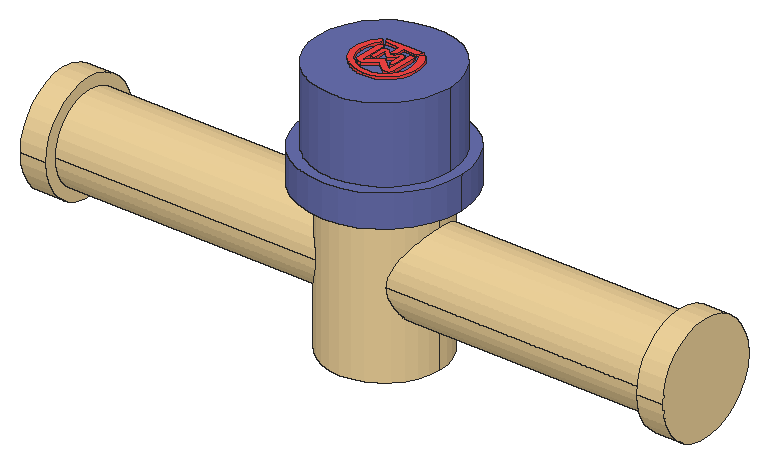
Revit family "КрыльчатыеСчетчикиХолоднойВоды_Стандарт_Тепловодомер", category Арматура трубопроводов, Revit 2025
Family settings
  Размер круглого соединителя = Использовать диаметр
  Тип детали = Клапан - Вставляется
  На основе рабочей плоскости = Нет
  Всегда вертикально = Нет
  При загрузке вырезать с полостями = Нет
  Общий = Нет
Parameters (values of type "DN40_IP68_Металлический_300_Класс_В")
  РАЗРАБОТЧИК [instance] = "www.3dbim.pro"
  Отметка по умолчанию = 0 mm
  Z_L = 20 mm
  URL = "https://www.teplovodomer.ru"
  TVM_Порог чувствительности = size_lookup("TVM_Крыльчатые счетчики воды", "TVM_Порог чувствительности", 0, Tvm_Модель клапана) * 1.0 m³/h  # 0.03 m³/h
  TVM_Переходный расход = size_lookup("TVM_Крыльчатые счетчики воды", "TVM_Переходный расход", 0, Tvm_Модель клапана) * 1.0 m³/h  # 0.26 m³/h
  TVM_Наминальный расход = size_lookup("TVM_Крыльчатые счетчики воды", "TVM_Номинальный расход", 0, Tvm_Модель клапана) * 1.0 m³/h  # 10.0 m³/h
  TVM_Наименьший расход = size_lookup("TVM_Крыльчатые счетчики воды", "TVM_Наименьший расход", 0, Tvm_Модель клапана) * 1.0 m³/h  # 0.16 m³/h
  TVM_Межпроверочный интервал = size_lookup("TVM_Крыльчатые счетчики воды", "TVM_Межпроверочный интервал", "Обратитесь к производителю", Tvm_Модель клапана)  # "6 лет"
  TVM_Максимальный расход = size_lookup("TVM_Крыльчатые счетчики воды", "TVM_Максимальный расход", 0, Tvm_Модель клапана) * 1.0 m³/h  # 20.0 m³/h
  I = size_lookup("TVM_Крыльчатые счетчики воды", "I", 12 mm, Tvm_Модель клапана)  # 12 mm
  L = size_lookup("TVM_Крыльчатые счетчики воды", "L", 110 mm, Tvm_Модель клапана)  # 300 mm
  H1 = size_lookup("TVM_Крыльчатые счетчики воды", "H1", 25 mm, Tvm_Модель клапана)  # 40 mm
  G = size_lookup("TVM_Крыльчатые счетчики воды", "G", 20 mm, Tvm_Модель клапана)  # 50 mm
  DSI_Тип монтажа = ""
  DSI_Тип исполнения = ""
  DSI_Температура рабочей среды = size_lookup("TVM_Крыльчатые счетчики воды", "DSI_Температура рабочей среды", 50 °C, Tvm_Модель клапана)  # 50 °C
  DSI_Страна поставщик = size_lookup("TVM_Крыльчатые счетчики воды", "TVM_Страна производитель", "Обратитесь к производителю", Tvm_Модель клапана)  # "Россия"
  DSI_Рабочее давление = size_lookup("TVM_Крыльчатые счетчики воды", "TVM_Рабочее давление", "Обратитесь к производителю", Tvm_Модель клапана)  # "1.6 Мпа"
  DSI_Рабочая среда = size_lookup("TVM_Крыльчатые счетчики воды", "ADSK_Перекачиваемая жидкость", "Обратитесь к производителю", Tvm_Модель клапана)  # "Вода 100%"
  DSI_Пропускная способность = 0
  DSI_Производитель = size_lookup("TVM_Крыльчатые счетчики воды", "ADSK_Завод-изготовитель", "Обратитесь к производителю", Tvm_Модель клапана)  # "АО \"Тепловодомер\""
  DSI_Область применения = "Предназначены для коммерческого учета расхода объема сетевой и питьевой воды, протекающей в обратном или подающем трубопроводе закрытых и открытых систем\r\nтеплоснабжения, системах холодного водоснабжения"  # constant formula
  DSI_Наименование по каталогу = size_lookup("TVM_Крыльчатые счетчики воды", "ADSK_Наименование", "Обратитесь к производителю", Tvm_Модель клапана)  # "Счетчик холодной воды ВСХH 40 IP68"
  DSI_Материал уплотнений = none
  DSI_Код по кл КСР = "5.9.6.3"
  DSI_Класс точности = size_lookup("TVM_Крыльчатые счетчики воды", "TVM_Класс точности", "Обратитесь к производителю", Tvm_Модель клапана)  # "B"
  DSI_Класс пожарной опасности = ""
  DSI_Класс защиты IP = size_lookup("TVM_Крыльчатые счетчики воды", "ADSK_Степень защиты", "Обратитесь к производителю", Tvm_Модель клапана)  # "IP68"
  DSI_Интерфейсные модули = size_lookup("TVM_Крыльчатые счетчики воды", "TVM_Интерфейс", "Обратитесь к производителю", Tvm_Модель клапана)  # "по заказу: LoRaWAN, M-Bus, WM-Bus, ипульсный выход"
  DSI_Диаметр условный = size_lookup("TVM_Крыльчатые счетчики воды", "DN", 15 mm, Tvm_Модель клапана)  # 40 mm
  DSI_Габариты текст = size_lookup("TVM_Крыльчатые счетчики воды", "TVM_Габаритный размер", "Обратитесь к производителю", Tvm_Модель клапана)  # "300х120х111"
  DSI_Артикул по каталогу = size_lookup("TVM_Крыльчатые счетчики воды", "ADSK_Код изделия", "Обратитесь к производителю", Tvm_Модель клапана)  # "R110-040-320-B68"
  DN = size_lookup("TVM_Крыльчатые счетчики воды", "DN", 15 mm, Tvm_Модель клапана)  # 40 mm
  D = size_lookup("TVM_Крыльчатые счетчики воды", "D", 75 mm, Tvm_Модель клапана)  # 72 mm
  Tvm_Модель клапана = 100403202
  Tvm_Материал счетчика = Tvm_Пластик синий
  Tvm_Материал корпуса = Tvm_Латунь
  Изготовитель = size_lookup("TVM_Крыльчатые счетчики воды", "ADSK_Завод-изготовитель", "Обратитесь к производителю", Tvm_Модель клапана)  # "АО \"Тепловодомер\""
  Зона сервисного обслуживания [instance] = no
  ADSK_Степень защиты = size_lookup("TVM_Крыльчатые счетчики воды", "ADSK_Степень защиты", "Обратитесь к производителю", Tvm_Модель клапана)  # "IP68"
  ADSK_Примечание = ""
  ADSK_Позиция = ""
  ADSK_Обозначение = ""
  ADSK_Наименование краткое = size_lookup("TVM_Крыльчатые счетчики воды", "ADSK_Наименование краткое", "Обратитесь к производителю", Tvm_Модель клапана)  # "ВСХH 40 IP68"
  ADSK_Наименование = size_lookup("TVM_Крыльчатые счетчики воды", "ADSK_Наименование", "Обратитесь к производителю", Tvm_Модель клапана)  # "Счетчик холодной воды ВСХH 40 IP68"
  ADSK_Минимальная температура перекачиваемой жидкости = size_lookup("TVM_Крыльчатые счетчики воды", "ADSK_Минимальная температура перекачиваемой жидкости", "Обратитесь к производителю", Tvm_Модель клапана)  # "5 °C"
  ADSK_Материал = none
  ADSK_Масса_Текст = size_lookup("TVM_Крыльчатые счетчики воды", "ADSK_Масса текст", "0", Tvm_Модель клапана)  # "2.5"
  ADSK_Масса = size_lookup("TVM_Крыльчатые счетчики воды", "ADSK_Масса", 0, Tvm_Модель клапана)  # 2.5
  ADSK_Марка = size_lookup("TVM_Крыльчатые счетчики воды", "", "Обратитесь к производителю", Tvm_Модель клапана)  # "Счетчик холодной воды ВСХH 40 IP68"
  ADSK_Максимальное рабочее давление = size_lookup("TVM_Крыльчатые счетчики воды", "ADSK_Максимальное рабочее давление", 0, Tvm_Модель клапана) * 1.0 Pa  # 1600000.0 Pa
  ADSK_Максимальное входное давление = size_lookup("TVM_Крыльчатые счетчики воды", "ADSK_Максимальное входное давление", 0, Tvm_Модель клапана) * 1.0 Pa  # 1600000.0 Pa
  ADSK_Комплект = ""
  ADSK_Код изделия = size_lookup("TVM_Крыльчатые счетчики воды", "ADSK_Код изделия", "Обратитесь к производителю", Tvm_Модель клапана)  # "R110-040-320-B68"
  ADSK_Завод-изготовитель = size_lookup("TVM_Крыльчатые счетчики воды", "ADSK_Завод-изготовитель", "Обратитесь к производителю", Tvm_Модель клапана)  # "АО \"Тепловодомер\""
  ADSK_Единица измерения = size_lookup("TVM_Крыльчатые счетчики воды", "ADSK_Единица измерения", "Обратитесь к производителю", Tvm_Модель клапана)  # "шт."
  ADSK_Группирование = ""
  ADSK_Версия Revit = ""
  ADSK_URL страницы изделия = ""
  H = size_lookup("TVM_Крыльчатые счетчики воды", "H", 75 mm, Tvm_Модель клапана)  # 120 mm
  ADSK_URL документации изделия = ""
Types (17, lengths in mm): name | РАЗРАБОТЧИК | TVM_Порог чувствительности | TVM_Переходный расход | TVM_Наминальный расход | TVM_Наименьший расход | TVM_Максимальный расход | L | H1 | G | DSI_Наименование по каталогу | DSI_Класс точности | DSI_Класс защиты IP | DSI_Диаметр условный | DSI_Габариты текст | DSI_Артикул по каталогу | DN | Tvm_Модель клапана | Tvm_Материал корпуса | ADSK_Степень защиты | ADSK_Наименование краткое | ADSK_Наименование | ADSK_Масса_Текст | ADSK_Масса | ADSK_Марка | ADSK_Код изделия | H
  DN25_IP54_Металлический_260_Класс_В | "www.3dbim.pro" | 0.0105 m³/h | 0.1 m³/h | 3.5 m³/h | 0.063 m³/h | 7.0 m³/h | 260 | 40 | 32 | "Счетчик холодной воды ВСХH 25" | "B" | "IP54" | 25 | "260х120х111" | "R110-025-320-B54" | 25 | 100253201 | Tvm_Латунь | "IP54" | "ВСХH 25" | "Счетчик холодной воды ВСХH 25" | "2" | 2 | "Счетчик холодной воды ВСХH 25" | "R110-025-320-B54" | 120
  DN25_IP68_Металлический_260_Класс_В | "www.3dbim.pro" | 0.0105 m³/h | 0.1 m³/h | 3.5 m³/h | 0.063 m³/h | 7.0 m³/h | 260 | 40 | 32 | "Счетчик холодной воды ВСХH 25 IP68" | "B" | "IP68" | 25 | "260х120х111" | "R110-025-320-B68" | 25 | 100253202 | Tvm_Латунь | "IP68" | "ВСХH 25 IP68" | "Счетчик холодной воды ВСХH 25 IP68" | "2" | 2 | "Счетчик холодной воды ВСХH 25 IP68" | "R110-025-320-B68" | 120
  DN32_IP54_Металлический_260_Класс_В | "www.3dbim.pro" | 0.018 m³/h | 0.16 m³/h | 6.0 m³/h | 0.1 m³/h | 12.0 m³/h | 260 | 40 | 40 | "Счетчик холодной воды ВСХH 32" | "B" | "IP54" | 32 | "260х120х111" | "R110-032-320-B54" | 32 | 100323201 | Tvm_Латунь | "IP54" | "ВСХH 32" | "Счетчик холодной воды ВСХH 32" | "2.2" | 2.2 | "Счетчик холодной воды ВСХH 32" | "R110-032-320-B54" | 120
  DN32_IP68_Металлический_260_Класс_В | "" | 0.018 m³/h | 0.16 m³/h | 6.0 m³/h | 0.1 m³/h | 12.0 m³/h | 260 | 40 | 40 | "Счетчик холодной воды ВСХH 32 IP68" | "B" | "IP68" | 32 | "260х120х111" | "R110-032-320-B68" | 32 | 100323202 | Tvm_Латунь | "IP68" | "ВСХH 32 IP68" | "Счетчик холодной воды ВСХH 32 IP68" | "2.2" | 2.2 | "Счетчик холодной воды ВСХH 32 IP68" | "R110-032-320-B68" | 120
  DN40_IP54_Металлический_300_Класс_В | "www.3dbim.pro" | 0.03 m³/h | 0.26 m³/h | 10.0 m³/h | 0.16 m³/h | 20.0 m³/h | 300 | 40 | 50 | "Счетчик холодной воды ВСХH 40" | "B" | "IP54" | 40 | "300х120х111" | "R110-040-320-B54" | 40 | 100403201 | Tvm_Латунь | "IP54" | "ВСХH 40" | "Счетчик холодной воды ВСХH 40" | "2.5" | 2.5 | "Счетчик холодной воды ВСХH 40" | "R110-040-320-B54" | 120
  DN40_IP68_Металлический_300_Класс_В | "www.3dbim.pro" | 0.03 m³/h | 0.26 m³/h | 10.0 m³/h | 0.16 m³/h | 20.0 m³/h | 300 | 40 | 50 | "Счетчик холодной воды ВСХH 40 IP68" | "B" | "IP68" | 40 | "300х120х111" | "R110-040-320-B68" | 40 | 100403202 | Tvm_Латунь | "IP68" | "ВСХH 40 IP68" | "Счетчик холодной воды ВСХH 40 IP68" | "2.5" | 2.5 | "Счетчик холодной воды ВСХH 40 IP68" | "R110-040-320-B68" | 120
  DN25_IP54_Металлический_260_Класс_С | "www.3dbim.pro" | 0.0105 m³/h | 0.0525 m³/h | 3.5 m³/h | 0.021 m³/h | 7.0 m³/h | 260 | 40 | 32 | "Счетчик холодной воды ВСХH 25 класс С" | "C" | "IP54" | 25 | "260х120х111" | "R110-025-320-C54" | 25 | 100253203 | Tvm_Латунь | "IP54" | "ВСХH 25 класс С" | "Счетчик холодной воды ВСХH 25 класс С" | "2" | 2 | "Счетчик холодной воды ВСХH 25 класс С" | "R110-025-320-C54" | 120
  DN32_IP54_Металлический_260_Класс_С | "www.3dbim.pro" | 0.018 m³/h | 0.09 m³/h | 6.0 m³/h | 0.036 m³/h | 12.0 m³/h | 260 | 40 | 40 | "Счетчик холодной воды ВСХH 32  класс С" | "C" | "IP54" | 32 | "260х120х111" | "R110-032-320-C54" | 32 | 100323203 | Tvm_Латунь | "IP54" | "ВСХH 32  класс С" | "Счетчик холодной воды ВСХH 32  класс С" | "2.2" | 2.2 | "Счетчик холодной воды ВСХH 32  класс С" | "R110-032-320-C54" | 120
  DN40_IP54_Металлический_300_Класс_С | "www.3dbim.pro" | 0.03 m³/h | 0.15 m³/h | 10.0 m³/h | 0.06 m³/h | 20.0 m³/h | 300 | 40 | 50 | "Счетчик холодной воды ВСХH 40 класс С" | "C" | "IP54" | 40 | "300х120х111" | "R110-040-320-C54" | 40 | 100403203 | Tvm_Латунь | "IP54" | "ВСХH 40 класс С" | "Счетчик холодной воды ВСХH 40 класс С" | "2.5" | 2.5 | "Счетчик холодной воды ВСХH 40 класс С" | "R110-040-320-C54" | 120
  DN15_IP54_Металлический_110_Класс_В | "" | 0.01 m³/h | 0.12 m³/h | 1.5 m³/h | 0.03 m³/h | 3.0 m³/h | 110 | 25 | 20 | "Счетчик холодной воды ВСХ 15-02" | "B" | "IP54" | 15 | "110х75х72" | "R110-015-223-B54" | 15 | 100152231 | Tvm_Латунь | "IP54" | "ВСХ 15-02" | "Счетчик холодной воды ВСХ 15-02" | "0.65" | 0.65 | "Счетчик холодной воды ВСХ 15-02" | "R110-015-223-B54" | 75
  DN15_IP68_Металлический_110_Класс_В | "" | 0.01 m³/h | 0.12 m³/h | 1.5 m³/h | 0.03 m³/h | 3.0 m³/h | 110 | 25 | 20 | "Счетчик холодной воды ВСХ 15-02 IP68" | "B" | "IP68" | 15 | "110х75х72" | "R110-015-223-B68" | 15 | 100152232 | Tvm_Латунь | "IP68" | "ВСХ 15-02 IP68" | "Счетчик холодной воды ВСХ 15-02 IP68" | "0.65" | 0.65 | "Счетчик холодной воды ВСХ 15-02 IP68" | "R110-015-223-B68" | 75
  DN15_IP68_Металлический_80_Класс_В | "" | 0.01 m³/h | 0.12 m³/h | 1.5 m³/h | 0.03 m³/h | 3.0 m³/h | 110 | 25 | 20 | "Счетчик холодной воды ВСХ 15-02 (80 мм)" | "B" | "IP54" | 15 | "80х75х72" | "R110-015-123-B54" | 15 | 100151231 | Tvm_Латунь | "IP54" | "ВСХ 15-02 (80 мм)" | "Счетчик холодной воды ВСХ 15-02 (80 мм)" | "0.65" | 0.65 | "Счетчик холодной воды ВСХ 15-02 (80 мм)" | "R110-015-123-B54" | 75
  DN20_IP54_Металлический_130_Класс_В | "" | 0.02 m³/h | 0.2 m³/h | 2.5 m³/h | 0.05 m³/h | 5.0 m³/h | 130 | 25 | 25 | "Счетчик холодной воды ВСХ 20" | "B" | "IP54" | 20 | "130х75х72" | "R110-020-324-B54" | 20 | 100203241 | Tvm_Латунь | "IP54" | "ВСХ 20" | "Счетчик холодной воды ВСХ 20" | "0.75" | 0.75 | "Счетчик холодной воды ВСХ 20" | "R110-020-324-B54" | 75
  DN20_IP68_Металлический_130_Класс_В | "www.3dbim.pro" | 0.02 m³/h | 0.2 m³/h | 2.5 m³/h | 0.05 m³/h | 5.0 m³/h | 130 | 25 | 25 | "Счетчик холодной воды ВСХ 20 IP68" | "B" | "IP68" | 20 | "130х75х72" | "R110-020-324-B68" | 20 | 100203242 | Tvm_Латунь | "IP68" | "ВСХ 20 IP68" | "Счетчик холодной воды ВСХ 20 IP68" | "0.75" | 0.75 | "Счетчик холодной воды ВСХ 20 IP68" | "R110-020-324-B68" | 75
  DN15_IP54_Металлический_110_Класс_С | "" | 0.0075 m³/h | 0.0225 m³/h | 1.5 m³/h | 0.015 m³/h | 3.0 m³/h | 110 | 25 | 20 | "Счетчик холодной воды ВСХH 15 класс С" | "C" | "IP54" | 15 | "110х75х72" | "R110-015-223-C54" | 15 | 100152233 | Tvm_Латунь | "IP54" | "ВСХH 15 класс С" | "Счетчик холодной воды ВСХH 15 класс С" | "0.65" | 0.65 | "Счетчик холодной воды ВСХH 15 класс С" | "R110-015-223-C54" | 75
  DN20_IP54_Металлический_130_Класс_С | "www.3dbim.pro" | 0.0075 m³/h | 0.0375 m³/h | 2.5 m³/h | 0.015 m³/h | 5.0 m³/h | 130 | 25 | 25 | "Счетчик холодной воды ВСХH 20 класс С" | "C" | "IP54" | 20 | "130х75х72" | "R110-020-324-C54" | 20 | 100203243 | Tvm_Латунь | "IP54" | "ВСХH 20 класс С" | "Счетчик холодной воды ВСХH 20 класс С" | "0.75" | 0.75 | "Счетчик холодной воды ВСХH 20 класс С" | "R110-020-324-C54" | 75
  DN15_IP54_Композитный_110_Класс_В | "www.3dbim.pro" | 0.01 m³/h | 0.12 m³/h | 1.5 m³/h | 0.03 m³/h | 3.0 m³/h | 110 | 25 | 20 | "Счетчик холодной воды ВСХ 15-03 композитный" | "B" | "IP54" | 15 | "110х75х72" | "R110-015-213-B54" | 15 | 100152131 | Tvm_Пластик | "IP54" | "ВСХ 15-03 композитный" | "Счетчик холодной воды ВСХ 15-03 композитный" | "0.65" | 0.65 | "Счетчик холодной воды ВСХ 15-03 композитный" | "R110-015-213-B54" | 75
Reference planes
  plane 1 "По центру (Вперед/Назад)": y = 0
  plane 2: z = 0
  plane 3 "По центру (Влево/Вправо)": x = 0
  plane 4: x = 150
  plane 5: x = -150
  plane 6: y = -36
  plane 7: y = 36
  plane 8: z = 80
  plane 9: z = -40
  plane 10: z = -60
  plane 11: z = 100
  plane 12: x = -170
  plane 13: x = 170
  plane 14: y = 56
  plane 15: y = -56
Dimensions and locks
  equal spacing: plane 5, plane 3 "По центру (Влево/Вправо)", plane 4
  "Z_L": plane 11 to plane 8
  "Z_L": plane 9 to plane 10
  "Z_L": plane 6 to plane 15
  "Z_L": plane 12 to plane 5
  "Z_L": plane 14 to plane 7
  "Z_L": plane 4 to plane 13
  "L": plane 5 to plane 4
  "H1": plane 2 to plane 9
  equal spacing: plane 7, plane 1 "По центру (Вперед/Назад)", plane 6
  "D": plane 7 to plane 6
  "H": plane 8 to plane 9
  aligned and locked: level to plane 2
  aligned and locked: nested 2 to plane 1 "По центру (Вперед/Назад)"
  aligned and locked: nested 1 to plane 1 "По центру (Вперед/Назад)"
  aligned and locked: nested 1 to level
  aligned and locked: level to nested 2
  aligned and locked: nested 3 to nested 4
  aligned and locked: plane 1 "По центру (Вперед/Назад)" to nested 4
  aligned and locked: plane 3 "По центру (Влево/Вправо)" to nested 4
  aligned and locked: plane 2 to nested 4
Nested families
  nested 1: "Вл_Точка_подключения_Тепловодомер" at (-150, 0, 0) x (0, 0, -1) z (-1, 0, 0), type "Вл_Точка_подключения_Тепловодомер", not visible
    with Wilo_Материал элемента none
  nested 2: "Вл_Точка_подключения_Тепловодомер" at (150, 0, 0) x (0, 0, 1) z (1, 0, 0), type "Вл_Точка_подключения_Тепловодомер", not visible
    with Wilo_Материал элемента none
  nested 3: "Вл_ КрыльчатыеСчетчикиХолоднойВоды_Стандарт_Тепловодомер" at (0, 0, 0), D <- "D", DN <- "DN", G <- "G", I <- "I", H <- "H", H1 <- "H1", L <- "L", Tvm_Материал элемента <- "Tvm_Материал корпуса", Tvm_Материал пластиковых частей <- "Tvm_Материал счетчика", type "Вл_ КрыльчатыеСчетчикиХолоднойВоды_Стандарт_Тепловодомер", detail levels fine
    with Tvm_Материал элемента Tvm_Латунь, Tvm_Материал пластиковых частей Tvm_Пластик синий, L 300 mm, I 12 mm, H1 40 mm, H 120 mm, G 50 mm, DN 40 mm, D2 52 mm, D1 62 mm, D 72 mm
  nested 4: "Вл_УГО-2D_ КрыльчатыеСчетчикиХолоднойВоды_Стандарт_Тепловодомер" at (0, 0, 0), L <- "L", D <- "D", type "Вл_УГО-2D_ КрыльчатыеСчетчикиХолоднойВоды_Стандарт_Тепловодомер", detail levels coarse+medium
    with L 300 mm, G 25 mm, D 72 mm
  nested 5: "Вл_Лого_Тепловодомер" at (0, 0, 80), type "Вл_Лого_Тепловодомер", detail levels fine
Connectors
  piping at (-150, 0, 0), diameter 40, driven by "DN"
    settings: on nested 1, index 1, connector inside diameter 609.6 mm, connector length 0 mm, flow factor 0, pipe flow 0.0 m³/h, pressure drop 0.0 Pa, fitting loss kfactor 0, connector angle 0.00°, fixture units 0, engagement length 0 mm, angle of deflection 0.00°, flow configuration 0, flow direction 1, fitting loss method 0, system type 29, joint type 0, gender type 0, connector reference index -1, connector utility 0, adjustable connector no, is connector primary yes, connector description ""
  piping at (150, 0, 0), diameter 40, driven by "DN"
    settings: on nested 2, index 2, connector inside diameter 609.6 mm, connector length 0 mm, flow factor 0, pipe flow 0.0 m³/h, pressure drop 0.0 Pa, fitting loss kfactor 0, connector angle 0.00°, fixture units 0, engagement length 0 mm, angle of deflection 0.00°, flow configuration 0, flow direction 2, fitting loss method 0, system type 29, joint type 0, gender type 0, connector reference index -1, connector utility 0, adjustable connector no, is connector primary no, connector description ""
Definition of nested family "Вл_Точка_подключения_Тепловодомер"
  Parameters (values of type "Tvm_Точка подключения")
    Default Elevation = 1219.2 mm
    Wilo_Материал элемента [instance] = none
  Reference planes
    plane 1 "По центру (Вперед/Назад)": y = 0
    plane 2: z = 0
    plane 3 "По центру (Влево/Вправо)": x = 0
    plane 4: z = 0
  Forms (mm)
    Extrusion 1, solid, material <- "Wilo_Материал элемента"
      sketch origin (0, 0, 0) x (1, 0, 0) y (0, 1, 0)
        loop
          circle (0, 0) r 5
      from -5 to 0
  Dimensions and locks
    aligned and locked: level to plane 2
    aligned and locked: level to plane 4
Definition of nested family "Вл_ КрыльчатыеСчетчикиХолоднойВоды_Стандарт_Тепловодомер"
  Parameters (values of type "Tvm_Крыльчатый счетчик")
    Default Elevation = 1219.2 mm
    Tvm_Материал элемента [instance] = none
    Tvm_Материал пластиковых частей [instance] = none
    L [instance] = 880 mm
    I [instance] = 220 mm
    H1 [instance] = 77 mm
    H [instance] = 42 mm
    G [instance] = 150 mm
    DN [instance] = 25 mm
    D2 [instance] = D - 20 mm  # 480 mm
    D1 [instance] = D - 10 mm  # 490 mm
    D [instance] = 500 mm
  Reference planes
    plane 1 "По центру (Вперед/Назад)": y = 0
    plane 2: z = 0
    plane 3 "По центру (Влево/Вправо)": x = 0
    plane 4: x = -440
    plane 5: x = 440
    plane 6: y = -96.004
    plane 7: y = 96.004
    plane 8: x = 220
    plane 9: x = -220
    plane 10: x = -180
    plane 11: x = 180
    plane 12: y = -196.004
    plane 13: y = 236.004
    plane 14: z = -77
    plane 15: z = -35
    plane 16: z = 95
    plane 17: z = 80
    plane 18: z = 75
    plane 19: z = -75
  Forms (mm)
    Extrusion 1, solid, material <- "Tvm_Материал элемента"
      sketch origin (0, 0, 0) x (0, 1, 0) y (0, 0, 1)
        loop
          circle (0, 0) r 75
      from 220 to 440
    Extrusion 2, solid, material <- "Tvm_Материал элемента"
      sketch origin (0, 0, 0) x (0, 1, 0) y (0, 0, 1)
        loop
          circle (0, 0) r 75
      from -440 to -220
    Extrusion 3, solid, material <- "Tvm_Материал пластиковых частей"
      sketch origin (-227.744, -1524, 45.223) x (-1, 0, 0) y (0, -1, 0)
        loop
          circle (-227.744, -1524) r 250
      from 34.777 to 49.777
    Extrusion 4, solid, material <- "Tvm_Материал пластиковых частей"
      sketch origin (-227.744, -1524, 45.223) x (-1, 0, 0) y (0, -1, 0)
        loop
          circle (-227.744, -1524) r 245
      from 49.777 to -80.223
    Extrusion 5, solid, material <- "Tvm_Материал элемента"
      sketch origin (-227.744, -1524, 45.223) x (-1, 0, 0) y (0, -1, 0)
        loop
          circle (-227.744, -1524) r 240
      from -122.223 to 34.777
    Extrusion 6, solid, material <- "Tvm_Материал элемента"
      sketch origin (0, 0, 0) x (0, 1, 0) y (0, 0, 1)
        loop
          circle (0, 0) r 12.5
      from -220 to 220
  Dimensions and locks
    equal spacing: plane 4, plane 3 "По центру (Влево/Вправо)", plane 5
    equal spacing: plane 7, plane 1 "По центру (Вперед/Назад)", plane 6
    "I": plane 4 to plane 9
    "I": plane 8 to plane 5
    "L": plane 4 to plane 5
    "H1": level to plane 14
    "H": plane 15 to plane 14
    equal spacing: plane 18, level, plane 19
    "G": plane 18 to plane 19
    locked: plane 17 to plane 18 at 5
    locked: plane 16 to plane 17 at 15
    "G": diameter of Extrusion 1 sketch curve
    "G": diameter of Extrusion 2 sketch curve
    "D": diameter of Extrusion 3 sketch curve
    "D1": diameter of Extrusion 4 sketch curve
    "D2": diameter of Extrusion 5 sketch curve
    "DN": diameter of Extrusion 6 sketch curve
    aligned and locked: level to plane 2
    aligned and locked: level to Extrusion 2 sketch curve
    aligned and locked: plane 1 "По центру (Вперед/Назад)" to Extrusion 2 sketch curve
    aligned and locked: Extrusion 2 to plane 4
    aligned and locked: plane 9 to Extrusion 2
    aligned and locked: plane 5 to Extrusion 1
    aligned and locked: Extrusion 1 to plane 8
    aligned and locked: plane 3 "По центру (Влево/Вправо)" to Extrusion 3 sketch curve
    aligned and locked: plane 1 "По центру (Вперед/Назад)" to Extrusion 3 sketch curve
    aligned and locked: Extrusion 5 to plane 14
    aligned and locked: plane 15 to Extrusion 4
    aligned and locked: plane 17 to Extrusion 5
    aligned and locked: Extrusion 3 to Extrusion 5
    aligned and locked: Extrusion 3 to Extrusion 4
    aligned and locked: Extrusion 6 to plane 9
    aligned and locked: plane 8 to Extrusion 6
    aligned and locked: plane 16 to Extrusion 3
  Automatic sketch dimensions
    Extrusion 1 sketch curve to level = 0 mm
    Extrusion 1 sketch curve to plane 1 "По центру (Вперед/Назад)" = 0 mm
    plane 1 "По центру (Вперед/Назад)" to Extrusion 4 sketch curve = 0 mm
    Extrusion 4 sketch curve to plane 3 "По центру (Влево/Вправо)" = 0 mm
    plane 1 "По центру (Вперед/Назад)" to Extrusion 5 sketch curve = 0 mm
    Extrusion 5 sketch curve to plane 3 "По центру (Влево/Вправо)" = 0 mm
    Extrusion 6 sketch curve to level = 0 mm
    Extrusion 6 sketch curve to plane 1 "По центру (Вперед/Назад)" = 0 mm
Definition of nested family "Вл_Лого_Тепловодомер"
  Parameters (values of type "Вл_Лого_Тепловодомер")
    Ширина лого = 29 mm
    Default Elevation = 1219.2 mm
    Высота лого = 25 mm
    TVM_Материал логотипа = none
  Reference planes
    plane 1 "По центру (Вперед/Назад)": y = 0
    plane 2: z = 0
    plane 3 "По центру (Влево/Вправо)": x = 0
    plane 4: z = 0
    plane 5: z = 0
    plane 6: y = -12.5
    plane 7: y = 12.5
    plane 8: x = -14.5
    plane 9: x = 14.5
  Forms (mm)
    Extrusion 1, solid, material <- "TVM_Материал логотипа", detail levels fine
      sketch origin (0, 0, 0) x (1, 0, 0) y (0, 1, 0)
        loop
          line (-7.227, 10.183) -> (-1.176, 10.183) -> (-1.176, 5.939)
          arc (-1.176, 5.939) -> (0, 4.763) -> (1.176, 5.939) r 1.176
          line (1.176, 5.939) -> (1.176, 10.183) -> (7.227, 10.183) -> (8.655, 12.5) -> (0, 12.5) -> (-8.655, 12.5) -> (-7.227, 10.183)
        loop
          arc (-5.789, 6.693) -> (-7.07, 7.973) -> (-8.35, 6.693) r 1.281
          line (-8.35, 6.693) -> (-8.35, -4.875)
          arc (-8.35, -4.875) -> (-7.28, -6.925) -> (-4.986, -7.221) r 2.5
          line (-4.986, -7.221) -> (0, -3.163) -> (4.986, -7.221)
          arc (4.986, -7.221) -> (7.28, -6.925) -> (8.35, -4.875) r 2.5
          line (8.35, -4.875) -> (8.35, 6.693)
          arc (8.35, 6.693) -> (7.07, 7.973) -> (5.789, 6.693) r 1.281
          line (5.789, 6.693) -> (5.789, -4.711) -> (0, 0) -> (-5.789, -4.711) -> (-5.789, 6.693)
        loop
          line (-3.314, 4.32) -> (0, 1.624) -> (3.314, 4.32) -> (3.314, -0.68)
          arc (3.314, -0.68) -> (4.357, -1.723) -> (5.401, -0.68) r 1.044
          line (5.401, -0.68) -> (5.401, 4.911)
          arc (5.401, 4.911) -> (4.303, 6.301) -> (2.552, 6.028) r 1.757
          line (2.552, 6.028) -> (0, 3.951) -> (-2.552, 6.028)
          arc (-2.552, 6.028) -> (-4.303, 6.301) -> (-5.401, 4.911) r 1.757
          line (-5.401, 4.911) -> (-5.401, -0.68)
          arc (-5.401, -0.68) -> (-4.357, -1.723) -> (-3.314, -0.68) r 1.044
          line (-3.314, -0.68) -> (-3.314, 4.32)
        loop
          arc (-11.584, 0) -> (-11.073, 4.816) -> (-8.884, 9.135) r 13.395
          arc (-8.884, 9.135) -> (-9.388, 10.861) -> (-11.157, 10.537) r 1.342
          arc (-11.157, 10.537) -> (-13.683, 5.638) -> (-14.328, 0.164) r 15.441
          arc (-14.328, 0.164) -> (-9.799, -9.213) -> (0, -12.737) r 13.769
          arc (0, -12.737) -> (9.799, -9.213) -> (14.328, 0.164) r 13.769
          arc (14.328, 0.164) -> (13.683, 5.638) -> (11.157, 10.537) r 15.441
          arc (11.157, 10.537) -> (9.388, 10.861) -> (8.884, 9.135) r 1.342
          arc (8.884, 9.135) -> (11.073, 4.816) -> (11.584, 0) r 13.395
          arc (11.584, 0) -> (7.88, -7.534) -> (0, -10.43) r 11.294
          arc (0, -10.43) -> (-7.88, -7.534) -> (-11.584, 0) r 11.294
      from 0 to 1
  Dimensions and locks
    equal spacing: plane 7, plane 1 "По центру (Вперед/Назад)", plane 6
    "Высота лого": plane 7 to plane 6
    equal spacing: plane 8, plane 3 "По центру (Влево/Вправо)", plane 9
    "Ширина лого": plane 8 to plane 9
    aligned and locked: level to plane 2
    aligned and locked: level to plane 4
    aligned and locked: plane 2 to plane 5
  Automatic sketch dimensions
    plane 1 "По центру (Вперед/Назад)" to Extrusion 1 sketch curve = 0 mm  (x5)
    Extrusion 1 sketch curve to plane 7 = 0 mm
    Extrusion 1 sketch curve to plane 3 "По центру (Влево/Вправо)" = 0 mm  (x8)
    Extrusion 1 sketch curve to plane 3 "По центру (Влево/Вправо)" = 0.323 mm
    Extrusion 1 sketch curve to Extrusion 1 sketch curve = 0.263 mm  (x2)
    Extrusion 1 sketch curve to Extrusion 1 sketch curve = 0.498 mm  (x2)
    Extrusion 1 sketch curve to plane 3 "По центру (Влево/Вправо)" = 1.176 mm
    Extrusion 1 sketch curve to Extrusion 1 sketch curve = 0.689 mm  (x2)
    Extrusion 1 sketch curve to Extrusion 1 sketch curve = 1.377 mm  (x2)
    Extrusion 1 sketch curve to Extrusion 1 sketch curve = 0.761 mm  (x2)
    Extrusion 1 sketch curve to Extrusion 1 sketch curve = 0.348 mm  (x2)
    plane 1 "По центру (Вперед/Назад)" to Extrusion 1 sketch curve = 0.68 mm  (x2)
    Extrusion 1 sketch curve to Extrusion 1 sketch curve = 1.044 mm  (x2)
    Extrusion 1 sketch curve to plane 3 "По центру (Влево/Вправо)" = 4.986 mm
    Extrusion 1 sketch curve to Extrusion 1 sketch curve = 0.803 mm
    Extrusion 1 sketch curve to Extrusion 1 sketch curve = 0.061 mm  (x2)
    Extrusion 1 sketch curve to Extrusion 1 sketch curve = 1.281 mm  (x2)
    Extrusion 1 sketch curve to plane 7 = 2.317 mm  (x2)
    Extrusion 1 sketch curve to Extrusion 1 sketch curve = 0.157 mm  (x2)
    Extrusion 1 sketch curve to Extrusion 1 sketch curve = 1.429 mm  (x2)
    Extrusion 1 sketch curve to Extrusion 1 sketch curve = 2.866 mm  (x2)
    plane 3 "По центру (Влево/Вправо)" to Extrusion 1 sketch curve = 0.323 mm
    plane 3 "По центру (Влево/Вправо)" to Extrusion 1 sketch curve = 4.986 mm
    Extrusion 1 sketch curve to Extrusion 1 sketch curve = 0.389 mm
    plane 1 "По центру (Вперед/Назад)" to Extrusion 1 sketch curve = 3.163 mm
    Extrusion 1 sketch curve to Extrusion 1 sketch curve = 4.032 mm  (x2)
    Extrusion 1 sketch curve to Extrusion 1 sketch curve = 0.163 mm  (x2)
    Extrusion 1 sketch curve to plane 1 "По центру (Вперед/Назад)" = 0.859 mm
    Extrusion 1 sketch curve to Extrusion 1 sketch curve = 0 mm  (x4)
    Extrusion 1 sketch curve to plane 1 "По центру (Вперед/Назад)" = 1.018 mm
    Extrusion 1 sketch curve to Extrusion 1 sketch curve = 0.161 mm  (x2)
    Extrusion 1 sketch curve to Extrusion 1 sketch curve = 0.104 mm  (x2)
    Extrusion 1 sketch curve to Extrusion 1 sketch curve = 0.765 mm
    Extrusion 1 sketch curve to Extrusion 1 sketch curve = 2.328 mm
    Extrusion 1 sketch curve to Extrusion 1 sketch curve = 0.369 mm  (x2)
    Extrusion 1 sketch curve to Extrusion 1 sketch curve = 0.345 mm  (x2)
    Extrusion 1 sketch curve to Extrusion 1 sketch curve = 1.988 mm
    Extrusion 1 sketch curve to Extrusion 1 sketch curve = 1.782 mm  (x2)
    Extrusion 1 sketch curve to plane 7 = 2.782 mm  (x2)
    Extrusion 1 sketch curve to Extrusion 1 sketch curve = 1.209 mm  (x2)
Definition of nested family "Вл_УГО-2D_ КрыльчатыеСчетчикиХолоднойВоды_Стандарт_Тепловодомер"
  Parameters (values of type "Tvm_Условное обозначение клапана")
    Default Elevation = 1219.2 mm
    L [instance] = 150 mm
    G [instance] = 25 mm
    D [instance] = 200 mm
  Reference planes
    plane 1 "По центру (Вперед/Назад)": y = 0
    plane 2: z = 0
    plane 3 "По центру (Влево/Вправо)": x = 0
    plane 4: z = 100
    plane 5: z = -100
    plane 6: x = -75
    plane 7: x = 75
    plane 8: y = -100
    plane 9: y = 100
  Lines and regions (mm)
    symbolic lines
      curve 1: line (-75, 100, 0) -> (75, 100, 0)
      curve 2: line (-75, -100, 0) -> (-75, 100, 0)
      curve 3: line (75, -100, 0) -> (-75, -100, 0)
      curve 4: line (75, 100, 0) -> (75, -100, 0)
      curve 5: line (-75, -100, 0) -> (75, 100, 0)
      curve 6: line (-75, 0, 100) -> (75, 0, 100)
      curve 7: line (-75, 0, -100) -> (-75, 0, 100)
      curve 8: line (75, 0, -100) -> (-75, 0, -100)
      curve 9: line (75, 0, 100) -> (75, 0, -100)
      curve 10: line (-75, 0, -100) -> (75, 0, 100)
    model lines
      curve 11: line (-75, 0, 100) -> (75, 0, 100)
      curve 12: line (-75, 0, -100) -> (-75, 0, 100)
      curve 13: line (75, 0, -100) -> (-75, 0, -100)
      curve 14: line (75, 0, 100) -> (75, 0, -100)
      curve 15: line (-75, 0, -100) -> (75, 0, 100)
  Dimensions and locks
    equal spacing: plane 6, plane 3 "По центру (Влево/Вправо)", plane 7
    equal spacing: plane 8, plane 1 "По центру (Вперед/Назад)", plane 9
    "D": plane 9 to plane 8
    "L": plane 6 to plane 7
    equal spacing: plane 4, level, plane 5
    "D": plane 4 to plane 5
    aligned and locked: level to plane 2
    aligned and locked: curve 1 to plane 9
    aligned and locked: plane 6 to curve 2
    aligned and locked: plane 8 to curve 3
    aligned and locked: curve 4 to plane 7
    aligned and locked: curve 6 to plane 4
    aligned and locked: curve 7 to plane 6
    aligned and locked: plane 5 to curve 8
    aligned and locked: curve 9 to plane 7
